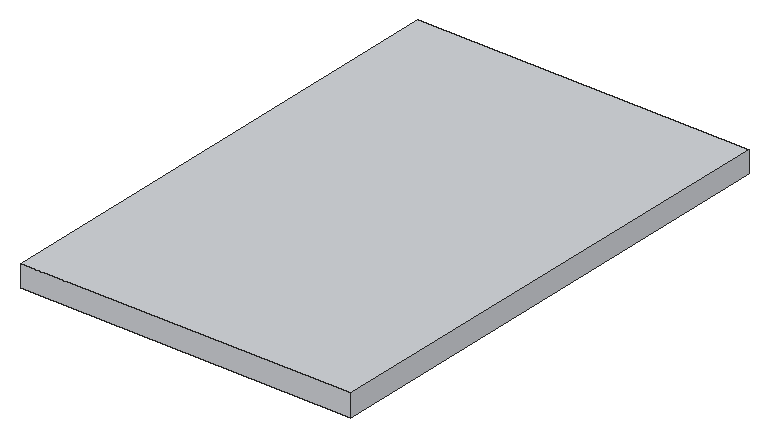
Revit family "CIRQUA-L-1Xxxx-SFx", category Oprawy oświetleniowe, Revit 2019
Family settings
  Obiekt nadrzędny = Powierzchnia
  Wymiar okrągłego złącza = Użyj średnicy
  Typ części = Normalny
  Numer OmniClass = 23.80.70.11
  Tytuł OmniClass = Luminaries for Internal Lighting
  Tnij formami wycięć po wczytaniu = Nie
  Źródło światła = Tak
  Współdzielony = Nie
  Punkt obliczania pomieszczeń = Nie
Parameters (values of type "CIRQUA-L 1X3600-830 SF")
  width = 100 mm  # constant formula
  weight = "1,3 kg"  # constant formula
  voltage type (AC, DC, UC) = "AC"
  rated input power = 34
  product name = "CIRQUA-L 1X3600-830 SF"
  nominal voltage = "230"
  nominal frequency = "50-60Hz"
  length = 310 mm  # constant formula
  ingress protection (IP) code = "IP20"
  height = 171 mm  # constant formula
  electrical safety class = "1"
  control gear = ""
  conformity mark = "CE"  # constant formula
  brand = "RIDI"
  approval mark = ""
  built-in parameter 1150104 = 13.8 (stored number, unit not read)
  Wattage = 24.5722 W
  Emituj ze średnicy okręgu = 76 mm  # constant formula
  Default Elevation = 0 mm
  built-in parameter 1150113 = 1 (stored number, unit not read)
  built-in parameter 1114218 = 1 (stored number, unit not read)
  URL = "www.ridi.de"
  built-in parameter 1150134 = (empty or 0)
  built-in parameter 1150109 = 1 (stored number, unit not read)
  built-in parameter 1150110 = 1 (stored number, unit not read)
  Apparent Load = 34 VA
  Tilt Angle = 90.00°
  Model = "0321969AH"
  built-in parameter 1114217 = 1 (stored number, unit not read)
  built-in parameter 1150139 = (empty or 0)
  built-in parameter 1150105 = 5014 (stored number, unit not read)
  built-in parameter 1150114 = 1 (stored number, unit not read)
  Lumens = 3650 lm
  built-in parameter 1150115 = 1 (stored number, unit not read)
  built-in parameter 1150112 = 1 (stored number, unit not read)
  Lampa = "LED"
  Producent = "RIDI Leuchten GmbH"  # constant formula
  Dimming Lamp Color Temperature Shift = (empty or 0)
  Color Filter = 16777215
  built-in parameter 1150133 = 10 (stored number, unit not read)
  Emit Shape Visible in Rendering = no
  built-in parameter 1150137 = (empty or 0)
  built-in parameter 1150132 = 2
  Plik sieci fotometrycznej = "CIRQUA-L 1x3200-840 SF.IES"
  Copyright = "© RIDI. All rights reserved."  # constant formula
  built-in parameter 1150106 = 50.14 (stored number, unit not read)
  Kod zespołu = "D5020200"
  built-in parameter 1150107 = 3000 (stored number, unit not read)
  built-in parameter 1150102 = (empty or 0)
  built-in parameter 1150138 = (empty or 0)
Types (10, lengths in mm): name | rated input power | product name | Wattage | built-in parameter 1150134 | Apparent Load | Model | built-in parameter 1150105 | Lumens | built-in parameter 1150106 | built-in parameter 1150107
  (no name) | 34 | "CIRQUA-L 1X3600-830 SF" | 24.5722 W | (empty or 0) | 34 VA | "0321969AH" | 5014 (stored number, unit not read) | 3650 lm | 50.14 (stored number, unit not read) | 3000 (stored number, unit not read)
  CIRQUA-L 1X3000-830 SF | 26 | "CIRQUA-L 1X3000-830 SF" | 20.7349 W | (empty or 0) | 26 VA | "0321965AH" | 14227.9 (stored number, unit not read) | 3080 lm | 142.28 (stored number, unit not read) | 3000 (stored number, unit not read)
  CIRQUA-L 1X3600-830 SF | 34 | "CIRQUA-L 1X3600-830 SF" | 24.5722 W | (empty or 0) | 34 VA | "0321969AH" | 5014 (stored number, unit not read) | 3650 lm | 50.14 (stored number, unit not read) | 3000 (stored number, unit not read)
  CIRQUA-L 1X3600-830 SF-DA | 34 | "CIRQUA-L 1X3600-830 SF-DA" | 24.5722 W | (empty or 0) | 34 VA | "0331969AH" | 5014 (stored number, unit not read) | 3650 lm | 50.14 (stored number, unit not read) | 3000 (stored number, unit not read)
  CIRQUA-L 1X3200-840 SF | 26 | "CIRQUA-L 1X3200-840 SF" | 22.014 W | 12 | 26 VA | "0321953AH" | 4492 (stored number, unit not read) | 3270 lm | 44.92 (stored number, unit not read) | 4000 (stored number, unit not read)
  CIRQUA-L 1X3800-840 SF | 34 | "CIRQUA-L 1X3800-840 SF" | 26.1879 W | 12 | 34 VA | "0321957AH" | 5343.7 (stored number, unit not read) | 3890 lm | 53.437 (stored number, unit not read) | 4000 (stored number, unit not read)
  CIRQUA-L 1X3800-840 SF-DA | 34 | "CIRQUA-L 1X3800-840 SF-DA" | 26.1879 W | 12 | 34 VA | "0331957AH" | 5343.7 (stored number, unit not read) | 3890 lm | 53.437 (stored number, unit not read) | 4000 (stored number, unit not read)
  CIRQUA-L 1X2600-930 SF | 26 | "CIRQUA-L 1X2600-930 SF" | 17.7728 W | (empty or 0) | 26 VA | "0321977AH" | 3626.6 (stored number, unit not read) | 2640 lm | 36.266 (stored number, unit not read) | 3000 (stored number, unit not read)
  CIRQUA-L 1X3100-930 SF | 34 | "CIRQUA-L 1X3100-930 SF" | 21.1388 W | (empty or 0) | 34 VA | "0321981AH" | 4313.4 (stored number, unit not read) | 3140 lm | 43.134 (stored number, unit not read) | 3000 (stored number, unit not read)
  CIRQUA-L 1X3100-930 SF-DA | 34 | "CIRQUA-L 1X3100-930 SF-DA" | 21.1388 W | (empty or 0) | 34 VA | "0331981AH" | 4313.4 (stored number, unit not read) | 3140 lm | 43.134 (stored number, unit not read) | 3000 (stored number, unit not read)
Reference planes
  plane 1 "Mitte (Vorne/hinten)": y = 0
  plane 2: z = 24.176
  plane 3 "Mitte (Links/rechts)": x = 22
  plane 4: z = 0
Forms (mm)
  Extrusion 1, solid
    sketch origin (219.2, 280.8, 0) x (1, 0, 0) y (0, 1, 0)
      loop
        line (-1219.2, 1219.2) -> (-1219.2, -1780.8) -> (780.8, -1780.8) -> (780.8, 1219.2) -> (-1219.2, 1219.2)
    from 24.176 to -107.307
Dimensions and locks
  aligned and locked: plane 2 to Extrusion 1
Connectors
  electrical at (-103.767, 0, 25.176), driven by "Apparent Load"
    settings: on import instance, index 1, voltage 230 V, apparent load 0 VA, apparent load phase1 34 VA, apparent load phase2 0 VA, apparent load phase3 0 VA, power factor 1, load classification "Lighting", number of poles 1, system type 31, power factor state 1, is connector primary yes, connector utility no, sub classification motor no, connector description ""
